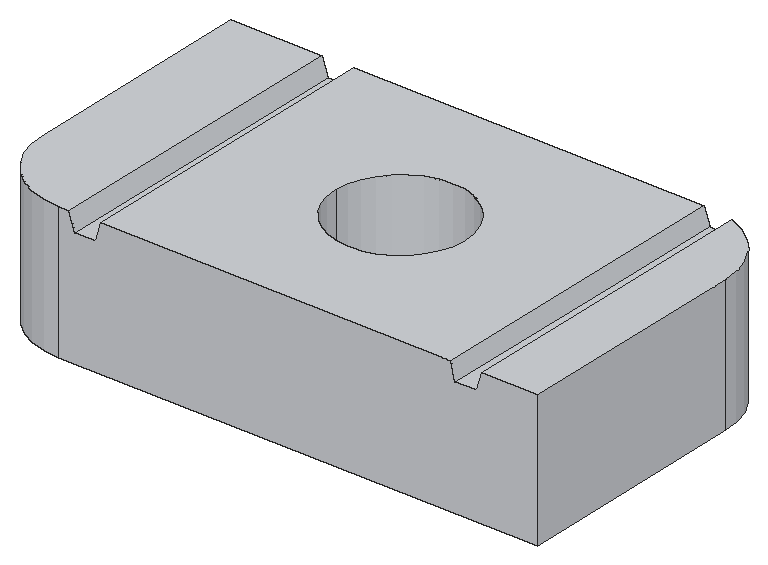
Revit family "CS21", category Generic Models, Revit 2017
Family settings
  Can host rebar = No
  Round Connector Dimension = Use Diameter
  Part Type = Normal
  Work Plane-Based = Yes
  Always vertical = No
  Cut with Voids When Loaded = No
  Shared = No
  Room Calculation Point = No
Parameters (values of type "NBS Standard Parameters")
  Weight = "0.0242Kg"
  WarrantyStartDate [instance] = "1900-12-31T23:59:59"
  WarrantyGuarantorParts = "n/a"
  WarrantyGuarantorLabor = "n/a"
  WarrantyDurationUnit = "year"
  WarrantyDurationParts = "n/a"
  WarrantyDurationLabor = "n/a"
  WarrantyDescription = "n/a"
  Version = "1"
  Uniclass2 = "Pr_65_70_11_19"
  TagNumber [instance] = "n/a"
  SustainabilityPerformance = "n/a"
  Size = "M8"
  Shape = "Rectangular"
  SerialNumber [instance] = "n/a"
  Revision = "n/a"
  ReplacementCost = "n/a"
  ProductInformation = ""
  NominalWidth = 19.5 mm
  NominalLength = 34.5 mm
  NominalHeight = 6 mm
  Name = ""
  NBSTypeID = ""
  NBSReference = "90-55-10/305"
  NBSOfficeMasterTag = ""
  NBSNote = ""
  NBSDescription = "Channel Cable Supports"
  NBSCertification = ""
  ModelReference = "CS21"
  ModelNumber = "n/a"
  Material = "Steel"
  ManufacturerURL = "www.metpro.co.uk"
  ManufacturerName = "Metpro Ltd"
  InstallationDate [instance] = "1900-12-31T23:59:59"
  IfcExportType = ""
  IfcExportAs = ""
  Grade = "n/a"
  Finish = "BZP"
  Features = "n/a"
  ExpectedLife = "n/a"
  DurationUnit = "year"
  Description = "NBS standard template"
  Default Elevation = 1219.2 mm
  Constituents = "n/a"
  Color = "n/a"
  CodePerformance = "n/a"
  Category = "n/a"
  BarCode [instance] = "n/a"
  BIMObjectName = "Role_Source_Type_Generic"
  Author = "Metpro Ltd"
  AssetType = ""
  AssetIdentifier [instance] = "n/a"
  AccessibilityPerformance = "n/a"
Reference planes
  plane 1 "Center (Front/Back)": y = 0
  plane 2: z = 0
  plane 3 "Center (Left/Right)": x = 0
Forms (mm)
  Extrusion 1, solid
    sketch origin (10.479, 2.754, -5.152) x (-0.173648, 0, -0.984808) y (-0.984808, 0, 0.173648)
      loop
        line (0.158, -0.256) -> (-1.146, 1.606) -> (-1.587, -0.891) -> (0.158, -0.256)
    from 0 to 0.704
  Extrusion 2, solid
    sketch origin (11.632, 2.754, -3.744) x (-1, 0, 0) y (0, -1, 0)
      loop
        line (-17.868, -9.846) -> (11.632, -9.846) -> (11.632, 4.654)
        arc (11.632, 4.654) -> (10.168, 8.189) -> (6.632, 9.654) r 5
        line (6.632, 9.654) -> (-22.868, 9.654) -> (-22.868, -4.846)
        arc (-22.868, -4.846) -> (-21.403, -8.382) -> (-17.868, -9.846) r 5
      loop
        circle (-6.725, 0) r 4
    from -2.362 to 5.968
  Extrusion 3, void
    sketch origin (0, 2.754, -6.106) x (1, 0, 0) y (0, 0, 1)
      loop
        line (29.01, 8.86) -> (29.433, 7.26) -> (30.746, 7.26) -> (31.254, 8.86) -> (29.01, 8.86)
      loop
        line (5.629, 8.33) -> (5.969, 7.26) -> (7.282, 7.26) -> (7.565, 8.33) -> (5.629, 8.33)
    from -13.006 to 9.654
Cuts and joins
  Extrusion 3 cuts Extrusion 2
Dimensions and locks
  aligned and locked: level to plane 2
